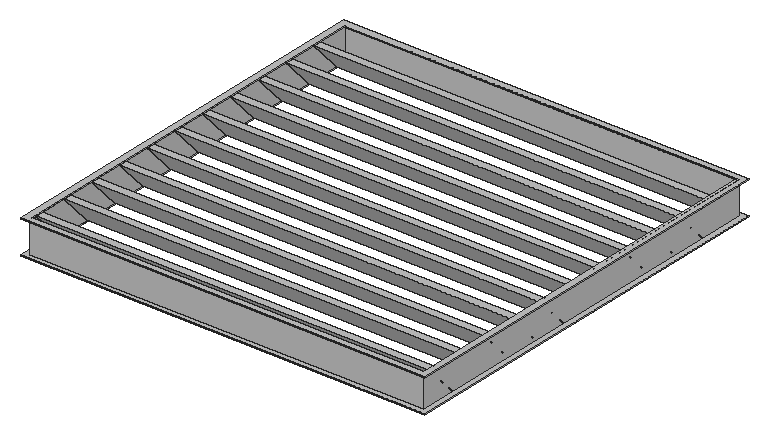
Revit family "Louver-Flanged_Frame-Carnes-Backdraft_Damper-Supply_FTQB", category Air Terminals, host Face, Revit 2012
Parameters (values of type "(See Type Catalog)")
  ecoScorecard_data = ""
  ecoScorecard Product Page = "http://ecoscorecard.com/"
  Wall Thickness Cut [instance] = 9.03516"
  URL = "http://www.carnes.com/index.html"
  Subcategory = "Louvers and Dampers"
  Specifications  URL = "http://www.carnes.com/Louvers/pdf/30097.pdf"
  Product Page URL = "http://www.carnes.com/Louvers/FPQB-FTQB.htm"
  Product Line = "Combination Louver / Backdraft Damper"
  Pressure Drop = 0.00 Pa
  Outside Width = Louver Width Control + 0.75" * 2  # 49.50"
  Outside Height = Louver Height Control + 0.75" * 2  # 49.50"
  Model = "FTQB"
  Minimum Size = "12\"W x 12\"H"
  Meets Building Code Standards = "See Catalog URL"
  Maximum Size Note = "60\"W x 120\"H"
  Manufacturer = "Carnes Company"
  Louver Width Control = if(Louver Width < 12.00", 12.00", if(Louver Width > 60.00", 60.00", Louver Width))  # 48.00"
  Louver Height Control = if(Louver Height < 12.00", 12.00", if(Louver Height > 120.00", 120.00", Louver Height))  # 48.00"
  Free Area Note = "See Spec Sheet URL"
  Free Area = 0.00 SF
  Description = "Combination Louver / Backdraft Damper"
  Connector Description 1 = "Duct Connetor"
  Blades Quantity [instance] = (Louver Height Control - (Blade Offset from Frame - 0.75")) / 4.25"  # 11
  Manufacturer Phone = "608-845-6411"
  Manufacturer Fax = "608-845-6470"
  Manufacturer Email = "mailto:carnes@carnes.com"
  Manufacturer Address = "448 S. Main St., P. O. Box 930040, Verona, WI 53593-0040"
  Louver Width = 48.00"
  Louver Length = 4.16016"
  Louver Height = 48.00"
  Blades Length [instance] = Louver Length - (0.13" * 2)  # 3.90016"
  Frame Material = Aluminum - Carnes - Extruded
  Default Elevation = 48.00"
  Cost Info = "mailto:carnes@carnes.com"
  Catalog URL = "http://www.carnes.com/Louvers/pdf/f40-41.pdf"
  Symbol Blades Quantity = Louver Width / 4.25"  # 11
  Blade Offset from Frame [instance] = 3.50"
  Blade Material = Aluminum - Carnes - Extruded
  Assembly Code = "D3090700"
  Airflow = 0 CFM
  95 CSI = "10200"
  04 CSI = "08 91 00"
Reference planes (in)
  plane 1 "Center (Elevation)": y = 0
  plane 2: z = 0
  plane 3 "Center (Left/Right)": x = 0
  plane 4 "Rear": z = -4.16016
  plane 5: z = -0.125
  plane 6: z = -4.03516
  plane 7: z = -2.08008
  plane 8: x = -24
  plane 9: x = 24
  plane 10: x = -24.75
  plane 11: x = 24.75
  plane 12: y = 24
  plane 13: y = -24
  plane 14: y = 24.75
  plane 15: y = -24.75
  plane 16 "Blade CL": y = 21.25
  plane 17: z = -9.03516
Forms (in)
  Extrusion 1, solid, material "Aluminum - Carnes - Extruded" <- "Frame Material"
    sketch origin (0, 0, 0) x (1, 0, 0) y (0, 1, 0)
      loop
        line (-24.75, 24.75) -> (-24.75, -24.75) -> (24.75, -24.75) -> (24.75, 24.75) -> (-24.75, 24.75)
      loop
        line (-24, 24) -> (-24, -24) -> (24, -24) -> (24, 24) -> (-24, 24)
    from -0.125 to 0
  Extrusion 2, solid, material "Aluminum - Carnes - Extruded" <- "Frame Material"
    sketch origin (0, 0, 0) x (1, 0, 0) y (0, 1, 0)
      loop
        line (-24.75, 24.75) -> (-24.75, -24.75) -> (24.75, -24.75) -> (24.75, 24.75) -> (-24.75, 24.75)
      loop
        line (-24, 24) -> (-24, -24) -> (24, -24) -> (24, 24) -> (-24, 24)
    from -4.16016 to -4.03516
  Extrusion 3, solid, material "Aluminum - Carnes - Extruded" <- "Frame Material"
    sketch origin (0, 0, 0) x (1, 0, 0) y (0, 1, 0)
      loop
        line (-24, 24) -> (-24, -24) -> (24, -24) -> (24, 24) -> (-24, 24)
      loop
        line (-24.125, 24.125) -> (-24.125, -24.125) -> (24.125, -24.125) -> (24.125, 24.125) -> (-24.125, 24.125)
    from -4.03516 to -0.125
  Sweep 4, void
    path origin (0, 0, 0) x (0, 1, 0) y (0, 0, 1)
      loop
        line (0, 0) -> (0, -9.03516)
    profile origin (0, 0, -4.51758) x (1, 0, 0) y (0, 1, 0)
      loop
        line (-24.75, 24.75) -> (-24.75, -24.75) -> (24.75, -24.75) -> (24.75, 24.75) -> (-24.75, 24.75)
Lines and regions (in)
  Masking region 1, detail levels coarse
    outline origin (0, 0, 0) x (1, 0, 0) y (0, 0, 1)
      loop
        line (24.75, 0) -> (-24.75, 0) -> (-24.75, -4.16016) -> (24.75, -4.16016) -> (24.75, 0)
  Masking region 2, detail levels medium+fine
    outline origin (0, 0, 0) x (1, 0, 0) y (0, 0, 1)
      loop
        line (24.75, 0) -> (-24.75, 0) -> (-24.75, -0.125) -> (-24.125, -0.125) -> (-24.125, -4.03516) -> (-24.75, -4.03516) -> (-24.75, -4.16016) -> (24.75, -4.16016) -> (24.75, -4.03516) -> (24.125, -4.03516) -> (24.125, -0.125) -> (24.75, -0.125) -> (24.75, 0)
  symbolic lines, detail levels fine
    curve 1: line (24.125, 0, -0.125) -> (-24.125, 0, -0.125)
    curve 2: line (24.125, 0, -4.03516) -> (-24.125, 0, -4.03516)
  symbolic lines
    curve 3: line (24, 0, -0.1875) -> (23.52861, 0, -0.1875)
    curve 4: line (21.47501, 0, -3.97516) -> (22.50249, 0, -2.08008)
    curve 5: line (22.50249, 0, -2.08008) -> (23.52861, 0, -0.1875)
    curve 6: line (21.47501, 0, -3.97516) -> (20.94248, 0, -3.97516)
    curve 7: line (19.75, 0, -0.1875) -> (19.27861, 0, -0.1875)
    curve 8: line (17.22501, 0, -3.97516) -> (18.25249, 0, -2.08008)
    curve 9: line (18.25249, 0, -2.08008) -> (19.27861, 0, -0.1875)
    curve 10: line (17.22501, 0, -3.97516) -> (16.69248, 0, -3.97516)
    curve 11: line (15.5, 0, -0.1875) -> (15.02861, 0, -0.1875)
    curve 12: line (12.97501, 0, -3.97516) -> (14.00249, 0, -2.08008)
    curve 13: line (14.00249, 0, -2.08008) -> (15.02861, 0, -0.1875)
    curve 14: line (12.97501, 0, -3.97516) -> (12.44248, 0, -3.97516)
    curve 15: line (11.25, 0, -0.1875) -> (10.77861, 0, -0.1875)
    curve 16: line (8.72501, 0, -3.97516) -> (9.75249, 0, -2.08008)
    curve 17: line (9.75249, 0, -2.08008) -> (10.77861, 0, -0.1875)
    curve 18: line (8.72501, 0, -3.97516) -> (8.19248, 0, -3.97516)
    curve 19: line (7, 0, -0.1875) -> (6.52861, 0, -0.1875)
    curve 20: line (4.47501, 0, -3.97516) -> (5.50249, 0, -2.08008)
    curve 21: line (5.50249, 0, -2.08008) -> (6.52861, 0, -0.1875)
    curve 22: line (4.47501, 0, -3.97516) -> (3.94248, 0, -3.97516)
    curve 23: line (2.75, 0, -0.1875) -> (2.27861, 0, -0.1875)
    curve 24: line (0.22501, 0, -3.97516) -> (1.25249, 0, -2.08008)
    curve 25: line (1.25249, 0, -2.08008) -> (2.27861, 0, -0.1875)
    curve 26: line (0.22501, 0, -3.97516) -> (-0.30752, 0, -3.97516)
    curve 27: line (-1.5, 0, -0.1875) -> (-1.97139, 0, -0.1875)
    curve 28: line (-4.02499, 0, -3.97516) -> (-2.99751, 0, -2.08008)
    curve 29: line (-2.99751, 0, -2.08008) -> (-1.97139, 0, -0.1875)
    curve 30: line (-4.02499, 0, -3.97516) -> (-4.55752, 0, -3.97516)
    curve 31: line (-5.75, 0, -0.1875) -> (-6.22139, 0, -0.1875)
    curve 32: line (-8.27499, 0, -3.97516) -> (-7.24751, 0, -2.08008)
    curve 33: line (-7.24751, 0, -2.08008) -> (-6.22139, 0, -0.1875)
    curve 34: line (-8.27499, 0, -3.97516) -> (-8.80752, 0, -3.97516)
    curve 35: line (-10, 0, -0.1875) -> (-10.47139, 0, -0.1875)
    curve 36: line (-12.52499, 0, -3.97516) -> (-11.49751, 0, -2.08008)
    curve 37: line (-11.49751, 0, -2.08008) -> (-10.47139, 0, -0.1875)
    curve 38: line (-12.52499, 0, -3.97516) -> (-13.05752, 0, -3.97516)
    curve 39: line (-14.25, 0, -0.1875) -> (-14.72139, 0, -0.1875)
    curve 40: line (-16.77499, 0, -3.97516) -> (-15.74751, 0, -2.08008)
    curve 41: line (-15.74751, 0, -2.08008) -> (-14.72139, 0, -0.1875)
    curve 42: line (-16.77499, 0, -3.97516) -> (-17.30752, 0, -3.97516)
    curve 43: line (-18.5, 0, -0.1875) -> (-18.97139, 0, -0.1875)
    curve 44: line (-21.02499, 0, -3.97516) -> (-19.99751, 0, -2.08008)
    curve 45: line (-19.99751, 0, -2.08008) -> (-18.97139, 0, -0.1875)
    curve 46: line (-21.02499, 0, -3.97516) -> (-21.55752, 0, -3.97516)
Dimensions and locks (in)
  equal spacing: plane 15, plane 1 "Center (Elevation)", plane 14
  locked: plane 2 to plane 5 at 0.125
  locked: plane 6 to plane 4 "Rear" at 0.125
  "Louver Length": plane 2 to plane 4 "Rear"
  equal spacing: plane 5, plane 7, plane 6
  "Blade Offset from Frame": plane 14 to plane 16 "Blade CL"
  "Outside Height": plane 14 to plane 15
  equal spacing: plane 8, plane 3 "Center (Left/Right)", plane 9
  "Louver Width": plane 8 to plane 9
  equal spacing: plane 10, plane 3 "Center (Left/Right)", plane 11
  "Outside Width": plane 10 to plane 11
  equal spacing: plane 13, plane 1 "Center (Elevation)", plane 12
  "Louver Height": plane 13 to plane 12
  locked: curve 3 to plane 5 at 0.0625
  equal spacing: group 1, group 2, group 3, group 4, group 5, group 6, group 7, group 8, group 9, group 10, group 22  (x2)
  equal spacing: group 22, group 10, group 9, group 8, group 7, group 6, group 5, group 4, group 3, group 2, group 1
  locked: nested 1 to nested 2 at 4.25
  plane 6 to curve 6 = 0.06"
  equal spacing: group 21, group 20, group 19, group 18, group 17, group 16, group 15, group 14, group 13, group 12, group 11
  equal spacing: group 11, group 12, group 13, group 14, group 15, group 16, group 17, group 18, group 19, group 20, group 21  (x2)
  locked: curve 5 to curve 9 at 4.25
  locked: curve 6 to plane 11 at 3.80752
  "Wall Thickness Cut": plane 2 to plane 17
  aligned and locked: plane 2 to host face
  aligned and locked: host face to level
  aligned and locked: plane 10 to Extrusion 1 sketch curve
  aligned and locked: Extrusion 1 sketch curve to plane 14
  aligned and locked: plane 15 to Extrusion 1 sketch curve
  aligned and locked: plane 11 to Extrusion 1 sketch curve
  aligned and locked: plane 8 to Extrusion 1 sketch curve
  aligned and locked: Extrusion 1 sketch curve to plane 12
  aligned and locked: plane 13 to Extrusion 1 sketch curve
  aligned and locked: plane 9 to Extrusion 1 sketch curve
  aligned and locked: Extrusion 1 to plane 5
  aligned and locked: plane 2 to Extrusion 1
  aligned and locked: Extrusion 2 sketch curve to Extrusion 1  (x6)
  aligned and locked: Extrusion 1 to Extrusion 2 sketch curve  (x2)
  aligned and locked: plane 6 to Extrusion 2
  aligned and locked: Extrusion 2 to plane 4 "Rear"
  aligned and locked: plane 8 to Extrusion 3 sketch curve
  aligned and locked: Extrusion 3 sketch curve to Extrusion 1  (x3)
  aligned and locked: plane 5 to Extrusion 3
  aligned and locked: Extrusion 3 to plane 6
  aligned and locked: plane 11 to Masking region 1 sketch curve
  aligned and locked: Masking region 1 sketch curve to plane 2
  aligned and locked: plane 4 "Rear" to Masking region 1 sketch curve
  aligned and locked: plane 10 to Masking region 1 sketch curve
  aligned and locked: Masking region 2 sketch curve to level
  aligned and locked: Masking region 2 sketch curve to plane 11  (x2)
  aligned and locked: plane 5 to Masking region 2 sketch curve  (x2)
  aligned and locked: Masking region 2 sketch curve to Extrusion 3  (x2)
  aligned and locked: plane 6 to Masking region 2 sketch curve  (x2)
  aligned and locked: plane 4 "Rear" to Masking region 2 sketch curve
  aligned and locked: Masking region 2 sketch curve to plane 10  (x2)
  aligned and locked: Extrusion 3 to curve 1  (x2)
  aligned and locked: curve 1 to plane 5
  aligned and locked: Extrusion 3 to curve 2  (x2)
  aligned and locked: curve 2 to plane 6
  aligned and locked: plane 3 "Center (Left/Right)" to nested 1
  aligned and locked: plane 7 to nested 1
  aligned and locked: nested 1 to plane 16 "Blade CL"
  aligned and locked: plane 9 to curve 3
  aligned and locked: plane 2 to Sweep 4 sketch curve
  aligned and locked: plane 17 to Sweep 4 sketch curve
  aligned and locked: Sweep 4 sketch curve to plane 1 "Center (Elevation)"
  aligned and locked: Sweep 4 sketch curve to plane 14
  aligned and locked: Sweep 4 sketch curve to plane 15
  aligned and locked: plane 10 to Sweep 4 sketch curve
  aligned and locked: plane 11 to Sweep 4 sketch curve
Automatic sketch dimensions
  Extrusion 3 sketch curve to plane 8 = 0.125"
  Extrusion 3 sketch curve to plane 9 = 0.125"
  plane 13 to Extrusion 3 sketch curve = 0.125"
  plane 12 to Extrusion 3 sketch curve = 0.125"
  host sketch curve to host sketch curve = 122.28147"
  host sketch curve to host sketch curve = 100.01977"
  curve 4 to curve 5 = 2.1557"  (x3)
  curve 4 to curve 5 = 2.15285"  (x4)
  curve 3 to curve 3 = 0.47139"  (x3)
  curve 6 to curve 6 = 0.53253"
  curve 4 to curve 4 = 2.1557"  (x2)
  curve 4 to curve 3 = 2.15285"  (x2)
  curve 6 to curve 4 = 0.53253"
  curve 6 to curve 5 = 2.45458"
Nested families (in)
  nested 1: "Louver-Carnes-Drainable_Blade" at (0, 20.875, -2.08008), type "Standard"
    with Width 48.00"
  nested 2: "Louver-Carnes-Drainable_Blade" at (0, 16.625, -2.08008), type "Standard"
    with Width 48.00"
  nested 3: "Louver-Carnes-Drainable_Blade" at (0, 12.375, -2.08008), type "Standard"
    with Width 48.00"
  nested 4: "Louver-Carnes-Drainable_Blade" at (0, 8.125, -2.08008), type "Standard"
    with Width 48.00"
  nested 5: "Louver-Carnes-Drainable_Blade" at (0, 3.875, -2.08008), type "Standard"
    with Width 48.00"
  nested 6: "Louver-Carnes-Drainable_Blade" at (0, -0.375, -2.08008), type "Standard"
    with Width 48.00"
  nested 7: "Louver-Carnes-Drainable_Blade" at (0, -4.625, -2.08008), type "Standard"
    with Width 48.00"
  nested 8: "Louver-Carnes-Drainable_Blade" at (0, -8.875, -2.08008), type "Standard"
    with Width 48.00"
  nested 9: "Louver-Carnes-Drainable_Blade" at (0, -13.125, -2.08008), type "Standard"
    with Width 48.00"
  nested 10: "Louver-Carnes-Drainable_Blade" at (0, -17.375, -2.08008), type "Standard"
    with Width 48.00"
  nested 11: "Louver-Carnes-Drainable_Blade" at (0, -21.625, -2.08008), type "Standard"
    with Width 48.00"
Connectors (in)
  hvac at (0, 0, -4.16016), driven by "Louver Height Control", driven by "Louver Width Control", driven by "Connector Description 1", driven by "Airflow", driven by "Pressure Drop"
    settings: on Extrusion 2, index 1, duct flow 0 CFM, flow factor 0, pres drop 0.00 Pa, loss coef 0, conn angle 0.00°, conn width 48", conn height 48", conn radius 12", duct sys type 1, conn prof type 1, flow config 0, flow direction 1, loss method 0, conn ref index -1, conn util no, is conn primary yes, conn desc "Duct Connetor"
Definition of nested family "Louver-Carnes-Drainable_Blade"
  Parameters (values of type "Standard")
    Width = 51.00"
    Height = 3.91"
    Blade Material = Aluminum - Carnes - Extruded
    Length = 4.16016"
    Assembly Code = ""
  Reference planes (in)
    plane 1 "Center (Front/Back)": y = 0.375
    plane 2: z = 0
    plane 3 "Center (Left/Right)": x = 0
    plane 4: y = 2.45508
    plane 5: y = -1.70508
    plane 6: z = 1.955
    plane 7: z = -1.955
    plane 8: x = -25.5
    plane 9: x = 25.5
  Forms (in)
    Sweep 1, solid, material "Aluminum - Carnes - Extruded" <- "Blade Material"
      path origin (-0.375, 0.375, 0) x (0, -1, 0) y (1, 0, 0)
        loop
          line (0, -25.125) -> (0, 25.875)
      profile origin (0, 0.375, 0) x (0, 1, 0) y (0, 0, 1)
        loop
          line (2.08008, -1.68742) -> (1.95508, -1.68742) -> (1.95508, -1.83) -> (1.5617, -1.83) -> (-1.79503, 1.82917) -> (-1.1242, 1.82917) -> (-1.1242, 1.955) -> (-2.08008, 1.955) -> (1.50674, -1.955) -> (2.08008, -1.955) -> (2.08008, -1.68742)
  Dimensions and locks (in)
    equal spacing: plane 6, plane 2, plane 7
    equal spacing: plane 8, plane 3 "Center (Left/Right)", plane 9
    "Width": plane 8 to plane 9
    equal spacing: plane 4, plane 1 "Center (Front/Back)", plane 5
    "Length": plane 4 to plane 5
    "Height": plane 6 to plane 7
    aligned and locked: plane 8 to Sweep 1 sketch curve
    aligned and locked: plane 9 to Sweep 1 sketch curve
    aligned and locked: plane 1 "Center (Front/Back)" to Sweep 1 sketch curve
    aligned and locked: Sweep 1 sketch curve to plane 6
    aligned and locked: plane 7 to Sweep 1 sketch curve
    aligned and locked: plane 4 to Sweep 1 sketch curve
    aligned and locked: plane 2 to level
  Automatic sketch dimensions
    Sweep 1 sketch curve to Sweep 1 sketch curve = 0.67084"
    Sweep 1 sketch curve to Sweep 1 sketch curve = 0.05496"
    Sweep 1 sketch curve to Sweep 1 sketch curve = 0.125"  (x2)
    Sweep 1 sketch curve to Sweep 1 sketch curve = 0.14258"
    Sweep 1 sketch curve to Sweep 1 sketch curve = 0.12583"
    Sweep 1 sketch curve to Sweep 1 sketch curve = 0.39337"
    Sweep 1 sketch curve to Sweep 1 sketch curve = 0.28505"
    profile plane to Sweep 1 sketch curve = 1.1242"
